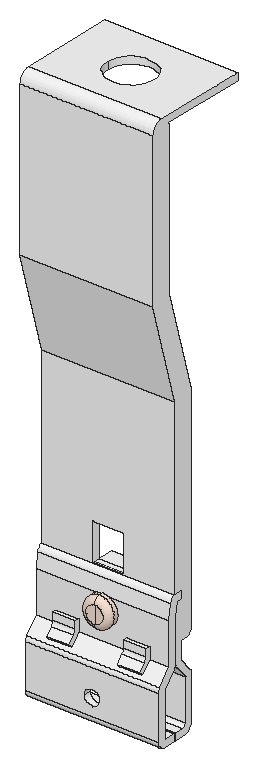
Revit family "eTバー直吊りハンガー6mm用", category 機械設備, Revit 2020
Family settings
  丸型コネクタ寸法 = 直径を使用
  種別 = なし
  パーツ タイプ = 標準
  作業面ベース = いいえ
  常に垂直 = はい
  ロード時にボイドで切り取り = いいえ
  共有 = いいえ
  部屋計算ポイント = いいえ
Parameters
  製造元 = "株式会社桐井製作所"
  既定の高さ = 0 mm
  URL = "https://www.kirii.co.jp/"
  K_材質 = "溶融亜鉛めっき鋼板及び鋼帯 SGHC 一般用"
  K_品名 = "eTバー直吊りハンガー6mm用"
  K_名称 = "ハンガー"
  K_入数 = "250"
  K_備考 = "対象Tバー：eT4015、eY4815"
  K_バージョン情報 = "20220411"
  K_めっき付着量 = "Z12"
  K_JIS規格 = "JIS G 3302"
Reference planes
  plane 1 "中心(正面/背面)": y = 0
  plane 2: z = 0
  plane 3 "中心(左/右)": x = 0
Forms (mm)
  Extrusion 1, solid, material "05吊り材"
    sketch origin (0, 0, 0) x (0, 1, 0) y (0, 0, 1)
      loop
        line (0, 53.176) -> (-6.15, 75.176) -> (-6.15, 109.256)
        arc (-6.15, 109.256) -> (-5.857, 109.963) -> (-5.15, 110.256) r 1
        line (-5.15, 110.256) -> (16, 110.256) -> (16, 111.856) -> (-5.35, 111.856)
        arc (-5.35, 111.856) -> (-7.047, 111.153) -> (-7.75, 109.456) r 2.4
        line (-7.75, 109.456) -> (-7.75, 74.956) -> (-1.6, 52.956) -> (-1.6, 0)
        arc (-1.6, 0) -> (-1.498, -0.561) -> (-1.207, -1.051) r 1.6
        line (-1.207, -1.051) -> (1.4, -4.044) -> (1.4, -13.244)
        arc (1.4, -13.244) -> (1.166, -13.809) -> (0.6, -14.044) r 0.8
        line (0.6, -14.044) -> (-1.3, -14.044) -> (-1.3, -15.644) -> (0.6, -15.644)
        arc (0.6, -15.644) -> (2.297, -14.941) -> (3, -13.244) r 2.4
        line (3, -13.244) -> (3, -4.044)
        arc (3, -4.044) -> (2.898, -3.483) -> (2.607, -2.993) r 1.6
        line (2.607, -2.993) -> (0, 0) -> (0, 3.956) -> (0, 53.176)
    from -15 to 15
  Extrusion 2, solid, material "05吊り材"
    sketch origin (0, 0, 0) x (0, 1, 0) y (0, 0, 1)
      loop
        line (-1.6, 0) -> (-1.6, 9.356) -> (-1.2, 12.356) -> (3.8, 12.356) -> (3.8, 13.956) -> (-1.186, 13.956)
        arc (-1.186, 13.956) -> (-2.24, 13.56) -> (-2.772, 12.568) r 1.6
        line (-2.772, 12.568) -> (-3.2, 9.356) -> (-3.2, 0) -> (-5.807, -2.993)
        arc (-5.807, -2.993) -> (-6.098, -3.483) -> (-6.2, -4.044) r 1.6
        line (-6.2, -4.044) -> (-6.2, -14.044)
        arc (-6.2, -14.044) -> (-5.731, -15.175) -> (-4.6, -15.644) r 1.6
        line (-4.6, -15.644) -> (-1.9, -15.644) -> (-1.9, -14.044) -> (-4.6, -14.044) -> (-4.6, -4.044) -> (-1.993, -1.051)
        arc (-1.993, -1.051) -> (-1.702, -0.561) -> (-1.6, 0) r 1.6
    from -15 to 15
  Extrusion 3, void
    sketch origin (0, 7.6, 0) x (1, 0, 0) y (0, 0, 1)
      loop
        circle (0, -10.1) r 1.75
    from 4.6 to 6.2
  Extrusion 4, void
    sketch origin (0, 0, 0) x (1, 0, 0) y (0, 0, 1)
      loop
        circle (0, 6.373) r 2.5
    from 0 to 3.2
  Extrusion 5, void
    sketch origin (0, 0, 0) x (1, 0, 0) y (0, 0, 1)
      loop
        circle (0, -10.1) r 1.75
    from 4.6 to 6.2
  Extrusion 6, solid, material "アルミニウム"
    sketch origin (0, 0, 0) x (1, 0, 0) y (0, 0, 1)
      loop
        circle (0, 6.436) r 4.1
      loop
        circle (0, 6.436) r 2.499
    from -1.3 to 0
  Extrusion 7, solid, material "05吊り材"
    sketch origin (0, 0, 0) x (0, 1, 0) y (0, 0, 1)
      loop
        arc (-4.2, 0.973) -> (-4.302, 0.412) -> (-4.593, -0.077) r 1.6
        line (-4.593, -0.077) -> (-5.904, -1.582) -> (-5.195, -2.291) -> (-3.2, 0) -> (-3.2, 2.617) -> (-4.2, 2.617) -> (-4.2, 0.973)
      loop
        line (1, 0.973) -> (1, 2.617) -> (0, 2.617) -> (0, 0) -> (1.995, -2.291) -> (2.704, -1.582) -> (1.393, -0.077)
        arc (1.393, -0.077) -> (1.102, 0.412) -> (1, 0.973) r 1.6
    from 5.5 to 10.5
  Extrusion 8, solid, material "05吊り材"
    sketch origin (-16, 0, 0) x (0, 1, 0) y (0, 0, 1)
      loop
        arc (-4.2, 0.973) -> (-4.302, 0.412) -> (-4.593, -0.077) r 1.6
        line (-4.593, -0.077) -> (-5.904, -1.582) -> (-5.195, -2.291) -> (-3.2, 0) -> (-3.2, 2.617) -> (-4.2, 2.617) -> (-4.2, 0.973)
      loop
        line (1, 0.973) -> (1, 2.617) -> (0, 2.617) -> (0, 0) -> (1.995, -2.291) -> (2.704, -1.582) -> (1.393, -0.077)
        arc (1.393, -0.077) -> (1.102, 0.412) -> (1, 0.973) r 1.6
    from 5.5 to 10.5
  Extrusion 9, void
    sketch origin (0, 0, 0) x (1, 0, 0) y (0, 1, 0)
      loop
        circle (0, 4.75) r 5.25
    from 110.256 to 111.856
  Extrusion 10, void
    sketch origin (0, 0, 0) x (1, 0, 0) y (0, 0, 1)
      loop
        line (-15, 13.956) -> (-15, 12.356) -> (-3.5, 12.356) -> (-3.5, 13.956) -> (-15, 13.956)
      loop
        line (3.5, 13.956) -> (3.5, 12.356) -> (15, 12.356) -> (15, 13.956) -> (3.5, 13.956)
    from -3.8 to 0
  Extrusion 11, void
    sketch origin (0, 0, 0) x (1, 0, 0) y (0, 0, 1)
      loop
        line (-3.5, 22.356) -> (-3.5, 13.956) -> (3.5, 13.956) -> (3.5, 22.356) -> (-3.5, 22.356)
    from 0 to 2.034
  Extrusion 12, solid, material "05吊り材"
    sketch origin (-15, 0, 0) x (0, 1, 0) y (0, 0, 1)
      loop
        arc (-5.15, 110.256) -> (-5.857, 109.963) -> (-6.15, 109.256) r 1
        line (-6.15, 109.256) -> (-6.15, 75.176) -> (0, 53.176) -> (0, 3.956) -> (1.3, 3.956)
        arc (1.3, 3.956) -> (2.431, 4.425) -> (2.9, 5.556) r 1.6
        line (2.9, 5.556) -> (2.9, 53.573) -> (-3.25, 75.573) -> (-3.25, 109.692)
        arc (-3.25, 109.692) -> (-3.619, 110.104) -> (-4.15, 110.256) r 1
        line (-4.15, 110.256) -> (-5.15, 110.256)
    from 0 to 1.6
  Extrusion 13, solid, material "05吊り材"
    sketch origin (13.4, 0, 0) x (0, 1, 0) y (0, 0, 1)
      loop
        arc (-5.15, 110.256) -> (-5.857, 109.963) -> (-6.15, 109.256) r 1
        line (-6.15, 109.256) -> (-6.15, 75.176) -> (0, 53.176) -> (0, 3.956) -> (1.3, 3.956)
        arc (1.3, 3.956) -> (2.431, 4.425) -> (2.9, 5.556) r 1.6
        line (2.9, 5.556) -> (2.9, 53.573) -> (-3.25, 75.573) -> (-3.25, 109.692)
        arc (-3.25, 109.692) -> (-3.619, 110.104) -> (-4.15, 110.256) r 1
        line (-4.15, 110.256) -> (-5.15, 110.256)
    from 0 to 1.6
Cuts and joins
  Extrusion 3, Extrusion 4, Extrusion 5, Extrusion 9, Extrusion 10, Extrusion 11 cuts Extrusion 1
  joined: Extrusion 1, Extrusion 7, Extrusion 8, Extrusion 12, Extrusion 13
  Extrusion 3, Extrusion 4, Extrusion 5, Extrusion 9, Extrusion 10, Extrusion 11 cuts Extrusion 2
Dimensions and locks
  aligned and locked: level to plane 2
Nested families
  nested 1: "直吊りハンガー用ビス" at (0, -3.2, 6.373), type "直吊りハンガー用ビス"
Definition of nested family "直吊りハンガー用ビス"
  Parameters (values of type "直吊りハンガー用ビス")
    Manufacturer = "株式会社桐井製作所"
    Default Elevation = 0 mm
    URL = "https://www.kirii.co.jp/"
    K_名称 = "M6×25ボルト"
  Reference planes
    plane 1 "中心(正面/背面)": y = 0
    plane 2: z = 0
    plane 3 "中心(左/右)": x = 0
    plane 4 "正面": y = -5
  Forms (mm)
    Extrusion 1, solid
      sketch origin (0, 0, 0.234) x (1, 0, 0) y (0, 0, 1)
        loop
          circle (-0.011, -0.2) r 2.5
      from 0 to -5
    Revolve 2, solid
      sketch origin (0, 0, 0) x (0, 1, 0) y (0, 0, 1)
        loop
          line (0, 0) -> (-2.299, 0) -> (-2.299, -1.966)
          arc (-2.299, -1.966) -> (-1.904, -2.921) -> (-0.949, -3.316) r 1.35
          line (-0.949, -3.316) -> (0, -3.316) -> (0, 0)
        axis (0, 0) -> (-2.299, 0)
      angle from 0 to 360
  Cuts and joins
    joined: Extrusion 1, Revolve 2
  Dimensions and locks
    aligned and locked: level to plane 2
